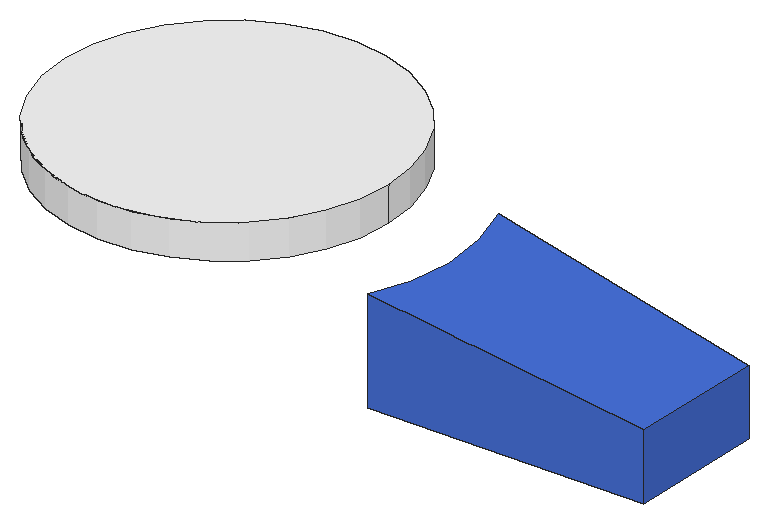
Revit family "Registro de control Inserto DZR interior corto", category Pipe Accessories, Revit 2020
Family settings
  Round Connector Dimension = Use Diameter
  Part Type = Breaks Into
  Work Plane-Based = No
  Always vertical = Yes
  Cut with Voids When Loaded = No
  Shared = No
Parameters (values of type "Registro De Control 1-2 X 1-2 Inserto Dzr Interior Corto")
  URL = "https://pcpplasticos.co/wp-content/uploads/2018/05/ARTE-CATALOGO-COLOMBIA-ED-No-5-CV.pdf"
  Type Comments = "Registro De Control 1-2 X 1-2 Inserto Dzr Interior Corto"
  SKU = "3164"
  Model = "3164"
  Manufacturer = "PCP PLASTICOS"
  Imagen = "https://pcpplasticos.co/wp-content/uploads/2018/05/ARTE-CATALOGO-COLOMBIA-ED-No-5-CV.pdf"
  Email = "servicioalcliente@PCPplasticos.com"
  Default Elevation = 0 mm
Reference planes
  plane 1 "Center (Front/Back)": y = 0
  plane 2: z = 0
  plane 3 "Center (Left/Right)": x = 0
Forms (mm)
  Extrusion 1, solid, material "255_255_255"
    sketch origin (-0.312, -0.312, 0) x (1, 0, 0) y (0, 1, 0)
      loop
        circle (0, 0) r 7.032
    from 41.167 to 42.665
  Extrusion 2, solid, material "2_61_210"
    sketch origin (0, 0, 0) x (1, 0, 0) y (0, 1, 0)
      loop
        line (19.942, 2.7) -> (8.521, 3.388)
        arc (8.521, 3.388) -> (9.23, -0.15) -> (8.521, -3.688) r 9.187
        line (8.521, -3.688) -> (19.942, -3) -> (19.942, 2.7)
    from 36.068 to 42.665
  Extrusion 3, void
    sketch origin (0, 0, 0) x (1, 0, 0) y (0, 0, 1)
      loop
        line (7.454, 40.684) -> (23.521, 38.426) -> (23.521, 44.279) -> (7.454, 44.279) -> (7.454, 40.684)
    from -5.42 to 5.4
Cuts and joins
  Extrusion 3 cuts Extrusion 2
Dimensions and locks
  aligned and locked: level to plane 2
Connectors
  piping at (-29, 0, 0), diameter 12.7
    settings: on import instance, index 1, connector inside diameter 609.6 mm, connector length 0 mm, flow factor 0, pipe flow 0.0 L/s, pressure drop 0.0 Pa, fitting loss kfactor 0, connector angle 0.00°, fixture units 0, engagement length 0 mm, angle of deflection 0.00°, flow configuration 0, flow direction 0, fitting loss method 0, system type 7, joint type 0, gender type 0, connector reference index -1, connector utility 0, adjustable connector no, is connector primary yes, connector description ""
  piping at (29.1, 0, 0), diameter 12.7
    settings: on import instance, index 2, connector inside diameter 609.6 mm, connector length 0 mm, flow factor 0, pipe flow 0.0 L/s, pressure drop 0.0 Pa, fitting loss kfactor 0, connector angle 0.00°, fixture units 0, engagement length 0 mm, angle of deflection 0.00°, flow configuration 0, flow direction 0, fitting loss method 0, system type 7, joint type 0, gender type 0, connector reference index -1, connector utility 0, adjustable connector no, is connector primary no, connector description ""
